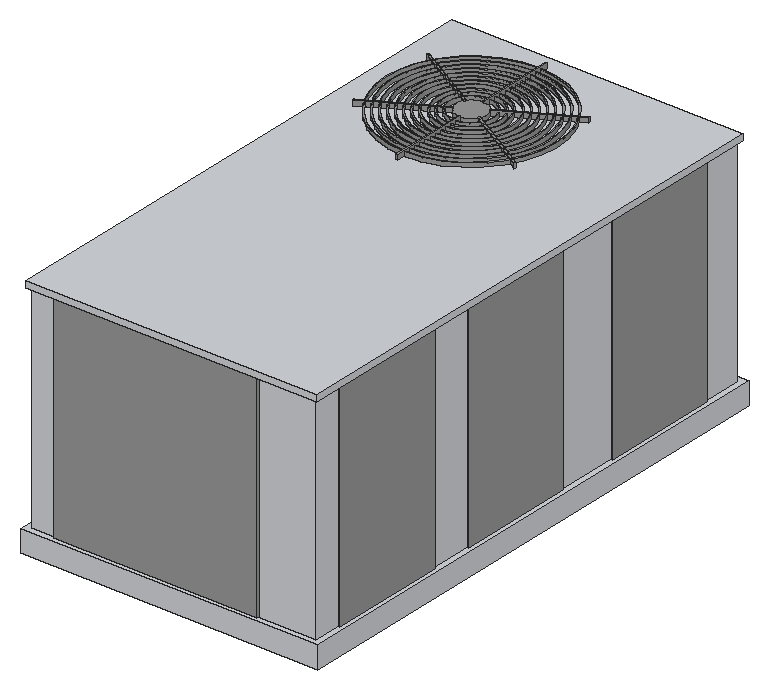
Revit family "RTU-2", category Mechanical Equipment, host Face, Revit 2025
Family settings
  Host = Face
  Round Connector Dimension = Use Diameter
  Classification = None
  Part Type = Normal
  Cut with Voids When Loaded = No
  Maintain Annotation Orientation = No
  Shared = No
  Room Calculation Point = No
Parameters (values of type "LCH 072 H4E E 1Y")
  Width = 47"
  URL = "https://tech.lennoxintl.com/C03e7o14l/VIu12Ch2uV/ehb_lch_abox_2103.pdf"
  Model = "LCH 072 H4E E 1Y"
  Manufacturer = "LENNOX"
  Length = 85 1/4"
  Grill Material = Steel, Paint Finish, Dark Gray
  Default Elevation = 48"
Reference planes (in)
  plane 1 "Center (Front/Back)": y = 0
  plane 2: z = 0
  plane 3 "Center (Left/Right)": x = 0
  plane 4: x = -30.90625
  plane 5: x = -31.90625
  plane 6: x = -32.90625
  plane 7: x = -33.90625
  plane 8: x = -34.90625
  plane 9: x = -35.90625
  plane 10: x = -36.90625
  plane 11: x = -37.90625
  plane 12: x = -38.90625
  plane 13: x = -39.90625
  plane 14: x = -40.90625
  plane 15: x = -42.34375
  plane 16: x = -41.03125
  plane 17: x = -41.90625
  plane 18: x = -41.90567
  plane 19: y = 22.75058
  plane 20: y = 21.75058
  plane 21: y = 20.75058
  plane 22: y = 19.75058
  plane 23: y = 18.75058
  plane 24: y = 17.75058
  plane 25: y = 16.75058
  plane 26: y = 15.75058
  plane 27: y = 14.75058
  plane 28: y = 13.75058
  plane 29: y = 12.75058
  plane 30: y = 11.31308
  plane 31: y = 12.62558
  plane 32: y = 11.75058
  plane 33: y = 11.75117
  plane 34: through (-19.01548, 19.50279, 94.70355) normal (0.866, 0.5, 0)
  plane 35: through (-17.13782, 18.87558, 94.70355) normal (-0.866, -0.5, 0)
  plane 36: through (6.39048, 19.50279, 94.70355) normal (0.866, -0.5, 0)
  plane 37: through (4.51282, 18.87558, 94.70355) normal (-0.866, 0.5, 0)
  plane 38: y = 38.93808
  plane 39: y = 37.62558
  plane 40: through (-19.01548, 30.74838, 94.70355) normal (-0.866, 0.5, 0)
  plane 41: through (-17.13782, 31.37558, 94.70355) normal (0.866, -0.5, 0)
  plane 42: through (6.39048, 30.74838, 94.70355) normal (-0.866, -0.5, 0)
  plane 43: through (4.51282, 31.37558, 94.70355) normal (0.866, 0.5, 0)
  plane 44: through (-34.15405, 50.35923, 110.75) normal (0.5, -0.866, 0)
  plane 45: through (-34.78125, 48.48157, 110.75) normal (-0.5, 0.866, 0)
  plane 46: through (-34.15405, 24.95327, 110.75) normal (-0.5, -0.866, 0)
  plane 47: through (-34.78125, 26.83093, 110.75) normal (0.5, 0.866, 0)
  plane 48: x = -14.71875
  plane 49: x = -16.03125
  plane 50: through (-22.90845, 50.35923, 110.75) normal (0.5, 0.866, 0)
  plane 51: through (-22.28125, 48.48157, 110.75) normal (-0.5, -0.866, 0)
  plane 52: through (-22.90845, 24.95327, 110.75) normal (-0.5, 0.866, 0)
  plane 53: through (-22.28125, 26.83093, 110.75) normal (0.5, -0.866, 0)
  plane 54: y = 16.875
  plane 55: x = 14
  plane 56: y = -16.125
  plane 57: x = 16.875
Forms (in)
  Extrusion 1, solid
    sketch origin (0, 0, 0) x (1, 0, 0) y (0, 1, 0)
      loop
        line (-23.5, 42.625) -> (-23.5, -42.625) -> (23.5, -42.625) -> (23.5, 42.625) -> (-23.5, 42.625)
    from 0 to 3.5
  Extrusion 2, solid, material "Steel, Paint Finish, Dark Gray" <- "Grill Material", not visible
    sketch origin (0, 0, 54.625) x (1, 0, 0) y (0, 1, 0)
      loop
        circle (-28.53125, 37.65625) r 2.375
      loop
        circle (-28.53125, 37.65625) r 3.375
      loop
        circle (-28.53125, 37.65625) r 3.5
      loop
        circle (-28.53125, 37.65625) r 4.375
      loop
        circle (-28.53125, 37.65625) r 5.25
      loop
        circle (-28.53125, 37.65625) r 4.5
      loop
        circle (-28.53125, 37.65625) r 5.375
      loop
        circle (-28.53125, 37.65625) r 6.375
      loop
        circle (-28.53125, 37.65625) r 7.375
      loop
        circle (-28.53125, 37.65625) r 9.375
      loop
        circle (-28.53125, 37.65625) r 10.375
      loop
        circle (-28.53125, 37.65625) r 11.375
      loop
        circle (-28.53125, 37.65625) r 12.375
      loop
        circle (-28.53125, 37.65625) r 12.5
      loop
        circle (-28.53125, 37.65625) r 7.5
      loop
        circle (-28.53125, 37.65625) r 9.5
      loop
        circle (-28.53125, 37.65625) r 10.5
      loop
        circle (-28.53125, 37.65625) r 11.5
      loop
        circle (-28.53125, 37.65625) r 8.375
      loop
        circle (-28.53125, 37.65625) r 8.5
      loop
        circle (-28.53125, 37.65625) r 6.5
      loop
        circle (-28.53125, 37.65625) r 13.375
      loop
        circle (-28.53125, 37.65625) r 13.5
    from 0 to 0.625
  Extrusion 3, solid, material "Steel, Paint Finish, Dark Gray" <- "Grill Material", not visible
    sketch origin (0, 0, 55.75) x (1, 0, 0) y (0, 1, 0)
      loop
        line (-43.28067, 37.78125) -> (-43.28067, 37.53125) -> (-30.90296, 37.53125)
        arc (-30.90296, 37.53125) -> (-30.90543, 37.59373) -> (-30.90625, 37.65625) r 2.375
        arc (-30.90625, 37.65625) -> (-30.90543, 37.71877) -> (-30.90296, 37.78125) r 2.375
        line (-30.90296, 37.78125) -> (-43.28067, 37.78125)
    from -1.125 to -0.3427
  Extrusion 4, solid, material "Steel, Paint Finish, Dark Gray" <- "Grill Material"
    sketch origin (31.34375, 53.65683, 38.57855) x (0, 1, 0) y (-1, 0, 0)
      loop
        circle (-28.53125, 37.65625) r 2.375
      loop
        circle (-28.53125, 37.65625) r 3.375
      loop
        circle (-28.53125, 37.65625) r 3.5
      loop
        circle (-28.53125, 37.65625) r 4.375
      loop
        circle (-28.53125, 37.65625) r 5.25
      loop
        circle (-28.53125, 37.65625) r 4.5
      loop
        circle (-28.53125, 37.65625) r 5.375
      loop
        circle (-28.53125, 37.65625) r 6.375
      loop
        circle (-28.53125, 37.65625) r 7.375
      loop
        circle (-28.53125, 37.65625) r 9.375
      loop
        circle (-28.53125, 37.65625) r 10.375
      loop
        circle (-28.53125, 37.65625) r 11.375
      loop
        circle (-28.53125, 37.65625) r 12.375
      loop
        circle (-28.53125, 37.65625) r 12.5
      loop
        circle (-28.53125, 37.65625) r 7.5
      loop
        circle (-28.53125, 37.65625) r 9.5
      loop
        circle (-28.53125, 37.65625) r 10.5
      loop
        circle (-28.53125, 37.65625) r 11.5
      loop
        circle (-28.53125, 37.65625) r 8.375
      loop
        circle (-28.53125, 37.65625) r 8.5
      loop
        circle (-28.53125, 37.65625) r 6.5
      loop
        circle (-28.53125, 37.65625) r 13.375
      loop
        circle (-28.53125, 37.65625) r 13.5
    from 0 to 0.625
  Extrusion 5, solid, material "Steel, Paint Finish, Dark Gray" <- "Grill Material"
    sketch origin (31.34375, 53.65683, 39.70355) x (0, 1, 0) y (-1, 0, 0)
      loop
        line (-43.28067, 37.78125) -> (-43.28067, 37.53125) -> (-30.90296, 37.53125)
        arc (-30.90296, 37.53125) -> (-30.90543, 37.59373) -> (-30.90625, 37.65625) r 2.375
        arc (-30.90625, 37.65625) -> (-30.90543, 37.71877) -> (-30.90296, 37.78125) r 2.375
        line (-30.90296, 37.78125) -> (-43.28067, 37.78125)
    from -1.125 to -0.3427
  Extrusion 6, solid, material "Steel, Paint Finish, Dark Gray" <- "Grill Material"
    sketch origin (37.22441, 6.77994, 39.70355) x (0.866025, 0.5, 0) y (-0.5, 0.866025, 0)
      loop
        line (-43.28067, 37.78125) -> (-43.28067, 37.53125) -> (-30.90296, 37.53125)
        arc (-30.90296, 37.53125) -> (-30.90543, 37.59373) -> (-30.90625, 37.65625) r 2.375
        arc (-30.90625, 37.65625) -> (-30.90543, 37.71877) -> (-30.90296, 37.78125) r 2.375
        line (-30.90296, 37.78125) -> (-43.28067, 37.78125)
    from -1.125 to -0.3427
  Extrusion 7, solid, material "Steel, Paint Finish, Dark Gray" <- "Grill Material"
    sketch origin (-49.84941, 6.77994, 39.70355) x (-0.866025, 0.5, 0) y (-0.5, -0.866025, 0)
      loop
        line (-43.28067, -37.78125) -> (-30.90296, -37.78125)
        arc (-30.90296, -37.78125) -> (-30.90543, -37.71877) -> (-30.90625, -37.65625) r 2.375
        arc (-30.90625, -37.65625) -> (-30.90543, -37.59373) -> (-30.90296, -37.53125) r 2.375
        line (-30.90296, -37.53125) -> (-43.28067, -37.53125) -> (-43.28067, -37.78125)
    from -1.125 to -0.3427
  Extrusion 8, solid, material "Steel, Paint Finish, Dark Gray" <- "Grill Material"
    sketch origin (31.34375, -3.40567, 39.70355) x (0, -1, 0) y (1, 0, 0)
      loop
        line (-43.28067, -37.78125) -> (-30.90296, -37.78125)
        arc (-30.90296, -37.78125) -> (-30.90543, -37.71877) -> (-30.90625, -37.65625) r 2.375
        arc (-30.90625, -37.65625) -> (-30.90543, -37.59373) -> (-30.90296, -37.53125) r 2.375
        line (-30.90296, -37.53125) -> (-43.28067, -37.53125) -> (-43.28067, -37.78125)
    from -1.125 to -0.3427
  Extrusion 9, solid, material "Steel, Paint Finish, Dark Gray" <- "Grill Material"
    sketch origin (37.22441, 43.47123, 39.70355) x (0.866025, -0.5, 0) y (0.5, 0.866025, 0)
      loop
        line (-43.28067, -37.78125) -> (-30.90296, -37.78125)
        arc (-30.90296, -37.78125) -> (-30.90543, -37.71877) -> (-30.90625, -37.65625) r 2.375
        arc (-30.90625, -37.65625) -> (-30.90543, -37.59373) -> (-30.90296, -37.53125) r 2.375
        line (-30.90296, -37.53125) -> (-43.28067, -37.53125) -> (-43.28067, -37.78125)
    from -1.125 to -0.3427
  Extrusion 10, solid, material "Steel, Paint Finish, Dark Gray" <- "Grill Material"
    sketch origin (-49.84941, 43.47123, 39.70355) x (-0.866025, -0.5, 0) y (0.5, -0.866025, 0)
      loop
        line (-43.28067, 37.78125) -> (-43.28067, 37.53125) -> (-30.90296, 37.53125)
        arc (-30.90296, 37.53125) -> (-30.90543, 37.59373) -> (-30.90625, 37.65625) r 2.375
        arc (-30.90625, 37.65625) -> (-30.90543, 37.71877) -> (-30.90296, 37.78125) r 2.375
        line (-30.90296, 37.78125) -> (-43.28067, 37.78125)
    from -1.125 to -0.3427
  Extrusion 11, solid, material "Steel, Paint Finish, Dark Gray" <- "Grill Material", not visible
    sketch origin (-46.87689, -5.88066, 55.75) x (0.5, -0.866025, 0) y (0.866025, 0.5, 0)
      loop
        line (-43.28067, 37.78125) -> (-43.28067, 37.53125) -> (-30.90296, 37.53125)
        arc (-30.90296, 37.53125) -> (-30.90543, 37.59373) -> (-30.90625, 37.65625) r 2.375
        arc (-30.90625, 37.65625) -> (-30.90543, 37.71877) -> (-30.90296, 37.78125) r 2.375
        line (-30.90296, 37.78125) -> (-43.28067, 37.78125)
    from -1.125 to -0.3427
  Extrusion 12, solid, material "Steel, Paint Finish, Dark Gray" <- "Grill Material", not visible
    sketch origin (-46.87689, 81.19316, 55.75) x (0.5, 0.866025, 0) y (-0.866025, 0.5, 0)
      loop
        line (-43.28067, -37.78125) -> (-30.90296, -37.78125)
        arc (-30.90296, -37.78125) -> (-30.90543, -37.71877) -> (-30.90625, -37.65625) r 2.375
        arc (-30.90625, -37.65625) -> (-30.90543, -37.59373) -> (-30.90296, -37.53125) r 2.375
        line (-30.90296, -37.53125) -> (-43.28067, -37.53125) -> (-43.28067, -37.78125)
    from -1.125 to -0.3427
  Extrusion 13, solid, material "Steel, Paint Finish, Dark Gray" <- "Grill Material", not visible
    sketch origin (-57.0625, 0, 55.75) x (-1, 0, 0) y (0, -1, 0)
      loop
        line (-43.28067, -37.78125) -> (-30.90296, -37.78125)
        arc (-30.90296, -37.78125) -> (-30.90543, -37.71877) -> (-30.90625, -37.65625) r 2.375
        arc (-30.90625, -37.65625) -> (-30.90543, -37.59373) -> (-30.90296, -37.53125) r 2.375
        line (-30.90296, -37.53125) -> (-43.28067, -37.53125) -> (-43.28067, -37.78125)
    from -1.125 to -0.3427
  Extrusion 14, solid, material "Steel, Paint Finish, Dark Gray" <- "Grill Material", not visible
    sketch origin (-10.18561, -5.88066, 55.75) x (-0.5, -0.866025, 0) y (0.866025, -0.5, 0)
      loop
        line (-43.28067, -37.78125) -> (-30.90296, -37.78125)
        arc (-30.90296, -37.78125) -> (-30.90543, -37.71877) -> (-30.90625, -37.65625) r 2.375
        arc (-30.90625, -37.65625) -> (-30.90543, -37.59373) -> (-30.90296, -37.53125) r 2.375
        line (-30.90296, -37.53125) -> (-43.28067, -37.53125) -> (-43.28067, -37.78125)
    from -1.125 to -0.3427
  Extrusion 15, solid, material "Steel, Paint Finish, Dark Gray" <- "Grill Material", not visible
    sketch origin (-10.18561, 81.19316, 55.75) x (-0.5, 0.866025, 0) y (-0.866025, -0.5, 0)
      loop
        line (-43.28067, 37.78125) -> (-43.28067, 37.53125) -> (-30.90296, 37.53125)
        arc (-30.90296, 37.53125) -> (-30.90543, 37.59373) -> (-30.90625, 37.65625) r 2.375
        arc (-30.90625, 37.65625) -> (-30.90543, 37.71877) -> (-30.90296, 37.78125) r 2.375
        line (-30.90296, 37.78125) -> (-43.28067, 37.78125)
    from -1.125 to -0.3427
  Extrusion 16, solid
    sketch origin (0, 0, 0) x (1, 0, 0) y (0, 1, 0)
      loop
        line (-22.5, 41.625) -> (-22.5, -41.625) -> (22.5, -41.625) -> (22.5, 41.625) -> (-22.5, 41.625)
    from 3.5 to 37.57855
  Extrusion 17, void
    sketch origin (0, 0, 0) x (1, 0, 0) y (0, 1, 0)
      loop
        line (-18.5, 8.25) -> (-18.5, -9.75) -> (1.5, -9.75) -> (1.5, 8.25) -> (-18.5, 8.25)
      loop
        line (-16.5, -26) -> (-16.5, -37) -> (12.5, -37) -> (12.5, -26) -> (-16.5, -26)
      loop
        arc (13.5, 20.875) -> (12.79289, 20.58211) -> (12.5, 19.875) r 1
        line (12.5, 19.875) -> (12.5, 13.875)
        arc (12.5, 13.875) -> (12.79289, 13.16789) -> (13.5, 12.875) r 1
        line (13.5, 12.875) -> (14.5, 12.875)
        arc (14.5, 12.875) -> (15.20711, 13.16789) -> (15.5, 13.875) r 1
        line (15.5, 13.875) -> (15.5, 19.875)
        arc (15.5, 19.875) -> (15.20711, 20.58211) -> (14.5, 20.875) r 1
        line (14.5, 20.875) -> (13.5, 20.875)
      loop
        circle (16.875, -16.125) r 1
    from 0 to 3.5
  Extrusion 18, solid
    sketch origin (0, 0, 0) x (1, 0, 0) y (0, 1, 0)
      loop
        line (-23, 42.125) -> (-23, -42.125) -> (23, -42.125) -> (23, 42.125) -> (-23, 42.125)
    from 37.57855 to 38.57855
  Extrusion 19, void
    sketch origin (0, 0, 0) x (0, 1, 0) y (0, 0, 1)
      loop
        line (39.875, 37.57855) -> (10.75738, 37.57855) -> (10.75738, 3.5) -> (39.875, 3.5) -> (39.875, 37.57855)
    from -23.5 to -21.24899
Cuts and joins
  Extrusion 17, Extrusion 19 cuts Extrusion 1
  Extrusion 17, Extrusion 19 cuts Extrusion 16
  Extrusion 19 cuts Extrusion 18
Dimensions and locks (in)
  equal spacing: Extrusion 1 sketch curve, plane 1 "Center (Front/Back)", Extrusion 1 sketch curve
  equal spacing: Extrusion 1 sketch curve, plane 3 "Center (Left/Right)", Extrusion 1 sketch curve
  "Width": Extrusion 1 sketch curve to Extrusion 1 sketch curve
  "Length": Extrusion 1 sketch curve to Extrusion 1 sketch curve
  Extrusion 1 to Extrusion 17 sketch curve = 5 5/8"
  Extrusion 1 to Extrusion 17 sketch curve = 7"
  Extrusion 1 to Extrusion 17 sketch curve = 5"
  Extrusion 1 to plane 54 = 25 3/4"
  plane 55 to Extrusion 1 = 9 1/2"
  plane 57 to Extrusion 1 = 6 5/8"
  plane 56 to Extrusion 1 = 26 1/2"
  nested 5 to level = 5 1/2"
  nested 5 to Extrusion 18 = 2"
  nested 6 to nested 5 = 18 3/8"
  cut or joined group of Extrusion 16, Extrusion 17, Extrusion 19 to cut or joined group of Extrusion 16, Extrusion 17, Extrusion 19 = 29.11762"
  equal spacing: group 3, group 4, group 5, group 6, group 7, group 8, group 9, group 10, group 11, group 12, group 13, group 14, group 15, group 16, group 17, group 18, group 19, group 20, group 21  (x2)
  equal spacing: group 21, group 20, group 19, group 18, group 17, group 16, group 15, group 14, group 13, group 12, group 11, group 10, group 9, group 8, group 7, group 6, group 5, group 4, group 3
  aligned and locked: plane 2 to host face
  aligned and locked: level to host face
Automatic sketch dimensions
  host sketch curve to host sketch curve = 96"  (x2)
  Extrusion 4 sketch curve to Extrusion 4 sketch curve = 0"  (x297)
  Extrusion 5 sketch curve to Extrusion 5 sketch curve = 2.37171"
  Extrusion 6 sketch curve to Extrusion 6 sketch curve = 2.37171"
  Extrusion 6 sketch curve to plane 34 = 0.93692"
  Extrusion 7 sketch curve to Extrusion 7 sketch curve = 2.37171"
  Extrusion 7 sketch curve to Extrusion 7 sketch curve = 0"  (x3)
  Extrusion 7 sketch curve to plane 36 = 0.93692"
  Extrusion 7 sketch curve to Extrusion 7 sketch curve = 1/8"
  Extrusion 8 sketch curve to Extrusion 8 sketch curve = 2.37171"
  Extrusion 8 sketch curve to plane 38 = 0.93692"
  Extrusion 9 sketch curve to Extrusion 9 sketch curve = 2.37171"
  Extrusion 9 sketch curve to Extrusion 9 sketch curve = 0"  (x3)
  Extrusion 9 sketch curve to plane 40 = 0.93692"
  Extrusion 9 sketch curve to Extrusion 9 sketch curve = 1/8"
  Extrusion 10 sketch curve to Extrusion 10 sketch curve = 2.37171"
  Extrusion 10 sketch curve to plane 42 = 0.93692"
  Extrusion 2 sketch curve to Extrusion 2 sketch curve = 0"  (x297)
  Extrusion 3 sketch curve to Extrusion 3 sketch curve = 2.37171"
  Extrusion 4 sketch curve to plane 19 = 2 3/8"
  Extrusion 5 sketch curve to Extrusion 5 sketch curve = 0"  (x3)
  Extrusion 5 sketch curve to plane 31 = 10.12829"
  Extrusion 6 sketch curve to Extrusion 6 sketch curve = 0"  (x3)
  Extrusion 6 sketch curve to plane 35 = 10.12829"
  Extrusion 6 sketch curve to Extrusion 6 sketch curve = 1/8"
  Extrusion 7 sketch curve to plane 37 = 10.12829"
  Extrusion 8 sketch curve to Extrusion 8 sketch curve = 0"  (x4)
  Extrusion 8 sketch curve to plane 39 = 10.12829"
  Extrusion 9 sketch curve to plane 41 = 10.12829"
  Extrusion 10 sketch curve to Extrusion 10 sketch curve = 0"  (x3)
  Extrusion 10 sketch curve to plane 43 = 10.12829"
  Extrusion 10 sketch curve to Extrusion 10 sketch curve = 1/8"
  Extrusion 5 sketch curve to plane 30 = 0.93692"
  Extrusion 5 sketch curve to Extrusion 5 sketch curve = 1/8"
  plane 33 to Extrusion 6 sketch curve = 5.89145"
  plane 33 to Extrusion 7 sketch curve = 12.29681"
  Extrusion 8 sketch curve to Extrusion 8 sketch curve = 1/8"
  plane 33 to Extrusion 9 sketch curve = 14.45202"
  plane 33 to Extrusion 10 sketch curve = 20.85738"
  Extrusion 2 sketch curve to plane 4 = 2 3/8"
  Extrusion 3 sketch curve to Extrusion 3 sketch curve = 0"  (x3)
  Extrusion 3 sketch curve to plane 16 = 10.12829"
  Extrusion 11 sketch curve to Extrusion 11 sketch curve = 0"  (x3)
  Extrusion 11 sketch curve to plane 45 = 10.12829"
  Extrusion 11 sketch curve to Extrusion 11 sketch curve = 1/8"
  Extrusion 12 sketch curve to Extrusion 12 sketch curve = 0"  (x2)
  Extrusion 12 sketch curve to plane 47 = 10.12829"
  Extrusion 13 sketch curve to Extrusion 13 sketch curve = 0"  (x4)
  Extrusion 13 sketch curve to plane 49 = 10.12829"
  Extrusion 14 sketch curve to Extrusion 14 sketch curve = 0"  (x2)
  Extrusion 14 sketch curve to plane 51 = 10.12829"
  Extrusion 15 sketch curve to Extrusion 15 sketch curve = 0"  (x3)
  Extrusion 15 sketch curve to plane 53 = 10.12829"
  Extrusion 15 sketch curve to Extrusion 15 sketch curve = 1/8"
  Extrusion 3 sketch curve to plane 15 = 0.93692"
  Extrusion 3 sketch curve to Extrusion 3 sketch curve = 1/8"
  plane 18 to Extrusion 11 sketch curve = 5.89145"
  plane 18 to Extrusion 12 sketch curve = 12.29681"
  Extrusion 13 sketch curve to Extrusion 13 sketch curve = 1/8"
  plane 18 to Extrusion 14 sketch curve = 14.45202"
  plane 18 to Extrusion 15 sketch curve = 20.85738"
  Extrusion 16 sketch curve to plane 3 "Center (Left/Right)" = 22 1/2"
  plane 3 "Center (Left/Right)" to Extrusion 16 sketch curve = 22 1/2"
  plane 1 "Center (Front/Back)" to Extrusion 16 sketch curve = 41 5/8"
  plane 33 to Extrusion 16 sketch curve = 29.87383"
  Extrusion 17 sketch curve to plane 56 = 0"
  Extrusion 17 sketch curve to plane 57 = 0"
  plane 3 "Center (Left/Right)" to Extrusion 17 sketch curve = 1 1/2"
  Extrusion 17 sketch curve to plane 55 = 1 1/2"  (x2)
  Extrusion 17 sketch curve to plane 55 = 1/2"  (x2)
  plane 55 to Extrusion 17 sketch curve = 1/2"  (x2)
  Extrusion 17 sketch curve to Extrusion 17 sketch curve = 1"
  Extrusion 17 sketch curve to plane 56 = 9 7/8"
  plane 56 to Extrusion 17 sketch curve = 6 3/8"
  Extrusion 17 sketch curve to plane 33 = 3.50117"
  plane 33 to Extrusion 17 sketch curve = 1.12383"
  plane 54 to Extrusion 17 sketch curve = 3"
  Extrusion 18 sketch curve to plane 3 "Center (Left/Right)" = 23"
  plane 3 "Center (Left/Right)" to Extrusion 18 sketch curve = 23"
  plane 1 "Center (Front/Back)" to Extrusion 18 sketch curve = 42 1/8"
  plane 33 to Extrusion 18 sketch curve = 30.37383"
  Extrusion 19 sketch curve to plane 33 = 0.99379"
  level to Extrusion 19 sketch curve = 3 1/2"
  plane 33 to Extrusion 19 sketch curve = 28.12383"
  Extrusion 19 sketch curve to Extrusion 19 sketch curve = 34.07855"
  radius of Extrusion 4 sketch curve = 2 3/8"
  radius of Extrusion 4 sketch curve = 3 3/8"
  radius of Extrusion 4 sketch curve = 3 1/2"
  radius of Extrusion 4 sketch curve = 4 3/8"
  radius of Extrusion 4 sketch curve = 5 1/4"
  radius of Extrusion 4 sketch curve = 4 1/2"
  radius of Extrusion 4 sketch curve = 5 3/8"
  radius of Extrusion 4 sketch curve = 6 3/8"
  radius of Extrusion 4 sketch curve = 7 3/8"
  radius of Extrusion 4 sketch curve = 9 3/8"
  radius of Extrusion 4 sketch curve = 10 3/8"
  radius of Extrusion 4 sketch curve = 11 3/8"
  radius of Extrusion 4 sketch curve = 12 3/8"
  radius of Extrusion 4 sketch curve = 12 1/2"
  radius of Extrusion 4 sketch curve = 7 1/2"
  radius of Extrusion 4 sketch curve = 9 1/2"
  radius of Extrusion 4 sketch curve = 10 1/2"
  radius of Extrusion 4 sketch curve = 11 1/2"
  radius of Extrusion 4 sketch curve = 8 3/8"
  radius of Extrusion 4 sketch curve = 8 1/2"
  radius of Extrusion 4 sketch curve = 6 1/2"
  radius of Extrusion 4 sketch curve = 13 3/8"
  radius of Extrusion 4 sketch curve = 13 1/2"
  radius of Extrusion 2 sketch curve = 2 3/8"
  radius of Extrusion 2 sketch curve = 3 3/8"
  radius of Extrusion 2 sketch curve = 3 1/2"
  radius of Extrusion 2 sketch curve = 4 3/8"
  radius of Extrusion 2 sketch curve = 5 1/4"
  radius of Extrusion 2 sketch curve = 4 1/2"
  radius of Extrusion 2 sketch curve = 5 3/8"
  radius of Extrusion 2 sketch curve = 6 3/8"
  radius of Extrusion 2 sketch curve = 7 3/8"
  radius of Extrusion 2 sketch curve = 9 3/8"
  radius of Extrusion 2 sketch curve = 10 3/8"
  radius of Extrusion 2 sketch curve = 11 3/8"
  radius of Extrusion 2 sketch curve = 12 3/8"
  radius of Extrusion 2 sketch curve = 12 1/2"
  radius of Extrusion 2 sketch curve = 7 1/2"
  radius of Extrusion 2 sketch curve = 9 1/2"
  radius of Extrusion 2 sketch curve = 10 1/2"
  radius of Extrusion 2 sketch curve = 11 1/2"
  radius of Extrusion 2 sketch curve = 8 3/8"
  radius of Extrusion 2 sketch curve = 8 1/2"
  radius of Extrusion 2 sketch curve = 6 1/2"
  radius of Extrusion 2 sketch curve = 13 3/8"
  radius of Extrusion 2 sketch curve = 13 1/2"
  radius of Extrusion 17 sketch curve = 1"
Nested families (in)
  nested 1: "Panel" at (22.5, -27.875, 20.53928) x (0, 1, 0) z (1, 0, 0), type "Panel"
    with Width 18 3/4", Length 34.07855"
  nested 2: "Panel" at (22.5, -2.4375, 20.53928) x (0, 1, 0) z (1, 0, 0), type "Panel"
    with Width 18 3/4", Length 34.07855"
  nested 3: "Panel" at (22.5, 26.0625, 20.53928) x (0, 1, 0) z (1, 0, 0), type "Panel"
    with Width 18 3/4", Length 34.07855"
  nested 4: "Panel" at (-2.71875, -41.625, 20.53928) x (-1, 0, 0) z (0, -1, 0), type "Panel"
    with Width 32 3/16", Length 34.07855"
  nested 5: "Panel" at (-22.5, -34.625, 20) x (0, 1, 0) z (-1, 0, 0), type "Panel"
    with Width 11", Length 29"
  nested 6: "Panel" at (-22.5, -1, 15.5) x (0, 1, 0) z (-1, 0, 0), type "Panel"
    with Width 19 1/2", Length 20"
  nested 7: "Family1" at (-21.5, 39.875, 35.95355) x (0, -1, 0) z (-1, 0, 0), type "Family1"
    with Space 233/256", built-in parameter 1001306 2.4792 (stored number, unit not read), Count 32
  nested 8: "Family1" at (-21.5, 39.875, 34.20355) x (0, -1, 0) z (-1, 0, 0), type "Family1"
    with Space 233/256", built-in parameter 1001306 2.4792 (stored number, unit not read), Count 32
  nested 9: "Family1" at (-21.5, 39.875, 32.45355) x (0, -1, 0) z (-1, 0, 0), type "Family1"
    with Space 233/256", built-in parameter 1001306 2.4792 (stored number, unit not read), Count 32
  nested 10: "Family1" at (-21.5, 39.875, 30.70355) x (0, -1, 0) z (-1, 0, 0), type "Family1"
    with Space 233/256", built-in parameter 1001306 2.4792 (stored number, unit not read), Count 32
  nested 11: "Family1" at (-21.5, 39.875, 28.95355) x (0, -1, 0) z (-1, 0, 0), type "Family1"
    with Space 233/256", built-in parameter 1001306 2.4792 (stored number, unit not read), Count 32
  nested 12: "Family1" at (-21.5, 39.875, 27.20355) x (0, -1, 0) z (-1, 0, 0), type "Family1"
    with Space 233/256", built-in parameter 1001306 2.4792 (stored number, unit not read), Count 32
  nested 13: "Family1" at (-21.5, 39.875, 25.45355) x (0, -1, 0) z (-1, 0, 0), type "Family1"
    with Space 233/256", built-in parameter 1001306 2.4792 (stored number, unit not read), Count 32
  nested 14: "Family1" at (-21.5, 39.875, 23.70355) x (0, -1, 0) z (-1, 0, 0), type "Family1"
    with Space 233/256", built-in parameter 1001306 2.4792 (stored number, unit not read), Count 32
  nested 15: "Family1" at (-21.5, 39.875, 21.95355) x (0, -1, 0) z (-1, 0, 0), type "Family1"
    with Space 233/256", built-in parameter 1001306 2.4792 (stored number, unit not read), Count 32
  nested 16: "Family1" at (-21.5, 39.875, 20.20355) x (0, -1, 0) z (-1, 0, 0), type "Family1"
    with Space 233/256", built-in parameter 1001306 2.4792 (stored number, unit not read), Count 32
  nested 17: "Family1" at (-21.5, 39.875, 18.45355) x (0, -1, 0) z (-1, 0, 0), type "Family1"
    with Space 233/256", built-in parameter 1001306 2.4792 (stored number, unit not read), Count 32
  nested 18: "Family1" at (-21.5, 39.875, 16.70355) x (0, -1, 0) z (-1, 0, 0), type "Family1"
    with Space 233/256", built-in parameter 1001306 2.4792 (stored number, unit not read), Count 32
  nested 19: "Family1" at (-21.5, 39.875, 14.95355) x (0, -1, 0) z (-1, 0, 0), type "Family1"
    with Space 233/256", built-in parameter 1001306 2.4792 (stored number, unit not read), Count 32
  nested 20: "Family1" at (-21.5, 39.875, 13.20355) x (0, -1, 0) z (-1, 0, 0), type "Family1"
    with Space 233/256", built-in parameter 1001306 2.4792 (stored number, unit not read), Count 32
  nested 21: "Family1" at (-21.5, 39.875, 11.45355) x (0, -1, 0) z (-1, 0, 0), type "Family1"
    with Space 233/256", built-in parameter 1001306 2.4792 (stored number, unit not read), Count 32
  nested 22: "Family1" at (-21.5, 39.875, 9.70355) x (0, -1, 0) z (-1, 0, 0), type "Family1"
    with Space 233/256", built-in parameter 1001306 2.4792 (stored number, unit not read), Count 32
  nested 23: "Family1" at (-21.5, 39.875, 7.95355) x (0, -1, 0) z (-1, 0, 0), type "Family1"
    with Space 233/256", built-in parameter 1001306 2.4792 (stored number, unit not read), Count 32
  nested 24: "Family1" at (-21.5, 39.875, 6.20355) x (0, -1, 0) z (-1, 0, 0), type "Family1"
    with Space 233/256", built-in parameter 1001306 2.4792 (stored number, unit not read), Count 32
  nested 25: "Family1" at (-21.5, 39.875, 4.45355) x (0, -1, 0) z (-1, 0, 0), type "Family1"
    with Space 233/256", built-in parameter 1001306 2.4792 (stored number, unit not read), Count 32
Definition of nested family "Panel"
  Parameters (values of type "Panel")
    Width [instance] = 21 9/16"
    Material = none
    Length [instance] = 49 7/16"
    Default Elevation = 48"
  Reference planes (in)
    plane 1 "Center (Front/Back)": y = 0
    plane 2: z = 0
    plane 3 "Center (Left/Right)": x = 0
    plane 4: z = 0.25
    plane 5: x = -10.78125
    plane 6: x = 10.78125
    plane 7: y = 24.71875
    plane 8: y = -24.71875
  Forms (in)
    Extrusion 1, solid
      sketch origin (0, 0, 0) x (1, 0, 0) y (0, 1, 0)
        loop
          line (-48, 48) -> (-48, -48) -> (48, -48) -> (48, 48) -> (-48, 48)
      from 0 to -12
    Extrusion 2, solid, material <- "Material"
      sketch origin (0, 0, 0) x (1, 0, 0) y (0, 1, 0)
        loop
          line (-10.78125, 24.71875) -> (-10.78125, -24.71875) -> (10.78125, -24.71875) -> (10.78125, 24.71875) -> (-10.78125, 24.71875)
      from 0 to 0.25
  Dimensions and locks (in)
    plane 4 to plane 2 = 1/4"
    equal spacing: plane 5, plane 3 "Center (Left/Right)", plane 6
    equal spacing: plane 7, plane 1 "Center (Front/Back)", plane 8
    "Length": plane 7 to plane 8
    "Width": plane 5 to plane 6
    aligned and locked: plane 2 to Extrusion 1
    aligned and locked: level to Extrusion 1
    aligned and locked: plane 4 to Extrusion 2
    aligned and locked: Extrusion 2 to plane 6
    aligned and locked: Extrusion 2 to plane 5
    aligned and locked: plane 8 to Extrusion 2
    aligned and locked: plane 7 to Extrusion 2
  Automatic sketch dimensions
    Extrusion 1 sketch curve to Extrusion 1 sketch curve = 96"  (x2)
    plane 5 to Extrusion 2 sketch curve = 0"
    Extrusion 2 sketch curve to plane 6 = 0"
    plane 1 "Center (Front/Back)" to Extrusion 2 sketch curve = 24 23/32"
    Extrusion 2 sketch curve to plane 1 "Center (Front/Back)" = 24 23/32"
Definition of nested family "Family1"
  Parameters (values of type "Family1")
    Space [instance] = 233/256"
    built-in parameter 1001306 [instance] = 51"
    Depth = 1"
    Default Elevation = 0"
    Count [instance] = rounddown([built-in parameter 1001306] / Space)  # 56
  Reference planes (in)
    plane 1 "Center (Front/Back)": y = 0
    plane 2: z = 0
    plane 3 "Left": x = 0
    plane 4 "Right": x = 51
    plane 5: y = 1.25
    plane 6: x = 0.45496
    plane 7: z = 1
    plane 8: y = 1.25
    plane 9: x = 1.36489
    plane 10: y = 1.25
    plane 11: x = 2.27481
    plane 12: y = 1.25
    plane 13: x = 3.18474
    plane 14: x = 0.90993
    plane 15: y = 1.25
    plane 16: x = 4.09467
    plane 17: y = 1.25
    plane 18: x = 5.00459
    plane 19: y = 1.25
    plane 20: x = 5.91452
    plane 21: y = 1.25
    plane 22: x = 6.82444
    plane 23: y = 1.25
    plane 24: x = 7.73437
    plane 25: y = 1.25
    plane 26: x = 8.64429
    plane 27: y = 1.25
    plane 28: x = 9.55422
    plane 29: y = 1.25
    plane 30: x = 10.46414
    plane 31: y = 1.25
    plane 32: x = 11.37407
    plane 33: y = 1.25
    plane 34: x = 12.284
    plane 35: y = 1.25
    plane 36: x = 13.19392
    plane 37: y = 1.25
    plane 38: x = 14.10385
    plane 39: y = 1.25
    plane 40: x = 15.01377
    plane 41: y = 1.25
    plane 42: x = 15.9237
    plane 43: y = 1.25
    plane 44: x = 16.83362
    plane 45: y = 1.25
    plane 46: x = 17.74355
    plane 47: y = 1.25
    plane 48: x = 18.65347
    plane 49: y = 1.25
    plane 50: x = 19.5634
    plane 51: y = 1.25
    plane 52: x = 20.47333
    plane 53: y = 1.25
    plane 54: x = 21.38325
    plane 55: y = 1.25
    plane 56: x = 22.29318
    plane 57: y = 1.25
    plane 58: x = 23.2031
    plane 59: y = 1.25
    plane 60: x = 24.11303
    plane 61: y = 1.25
    plane 62: x = 25.02295
    plane 63: y = 1.25
    plane 64: x = 25.93288
    plane 65: y = 1.25
    plane 66: x = 26.8428
    plane 67: y = 1.25
    plane 68: x = 27.75273
    plane 69: y = 1.25
    plane 70: x = 28.66266
    plane 71: y = 1.25
    plane 72: x = 29.57258
    plane 73: y = 1.25
    plane 74: x = 30.48251
    plane 75: y = 1.25
    plane 76: x = 31.39243
    plane 77: y = 1.25
    plane 78: x = 32.30236
    plane 79: y = 1.25
    plane 80: x = 33.21228
    plane 81: y = 1.25
    plane 82: x = 34.12221
    plane 83: y = 1.25
    plane 84: x = 35.03214
    plane 85: y = 1.25
    plane 86: x = 35.94206
    plane 87: y = 1.25
    plane 88: x = 36.85199
    plane 89: y = 1.25
    plane 90: x = 37.76191
    plane 91: y = 1.25
    plane 92: x = 38.67184
    plane 93: y = 1.25
    plane 94: x = 39.58176
    plane 95: y = 1.25
    plane 96: x = 40.49169
    plane 97: y = 1.25
    plane 98: x = 41.40161
    plane 99: y = 1.25
    plane 100: x = 42.31154
    plane 101: y = 1.25
    plane 102: x = 43.22147
    plane 103: y = 1.25
    plane 104: x = 44.13139
    plane 105: y = 1.25
    plane 106: x = 45.04132
    plane 107: y = 1.25
    plane 108: x = 45.95124
    plane 109: y = 1.25
    plane 110: x = 46.86117
    plane 111: y = 1.25
    plane 112: x = 47.77109
    plane 113: y = 1.25
    plane 114: x = 48.68102
    plane 115: y = 1.25
    plane 116: x = 49.59094
    plane 117: y = 1.25
    plane 118: x = 50.50087
  Forms (in)
    Extrusion 1, solid
      sketch origin (0, 0, 0) x (1, 0, 0) y (0, 1, 0)
        loop
          line (0, 0) -> (0.06651, 0) -> (0.45496, 1.06726) -> (0.84341, 0) -> (0.90993, 0) -> (0.45496, 1.25) -> (0, 0)
      from 0 to 1
    Extrusion 2, solid
      sketch origin (0.90993, 0, 0) x (1, 0, 0) y (0, 1, 0)
        loop
          line (0, 0) -> (0.06651, 0) -> (0.45496, 1.06726) -> (0.84341, 0) -> (0.90993, 0) -> (0.45496, 1.25) -> (0, 0)
      from 0 to 1
    Extrusion 3, solid
      sketch origin (1.81985, 0, 0) x (1, 0, 0) y (0, 1, 0)
        loop
          line (0, 0) -> (0.06651, 0) -> (0.45496, 1.06726) -> (0.84341, 0) -> (0.90993, 0) -> (0.45496, 1.25) -> (0, 0)
      from 0 to 1
    Extrusion 4, solid
      sketch origin (2.72978, 0, 0) x (1, 0, 0) y (0, 1, 0)
        loop
          line (0, 0) -> (0.06651, 0) -> (0.45496, 1.06726) -> (0.84341, 0) -> (0.90993, 0) -> (0.45496, 1.25) -> (0, 0)
      from 0 to 1
    Extrusion 5, solid
      sketch origin (3.6397, 0, 0) x (1, 0, 0) y (0, 1, 0)
        loop
          line (0, 0) -> (0.06651, 0) -> (0.45496, 1.06726) -> (0.84341, 0) -> (0.90993, 0) -> (0.45496, 1.25) -> (0, 0)
      from 0 to 1
    Extrusion 6, solid
      sketch origin (4.54963, 0, 0) x (1, 0, 0) y (0, 1, 0)
        loop
          line (0, 0) -> (0.06651, 0) -> (0.45496, 1.06726) -> (0.84341, 0) -> (0.90993, 0) -> (0.45496, 1.25) -> (0, 0)
      from 0 to 1
    Extrusion 7, solid
      sketch origin (5.45955, 0, 0) x (1, 0, 0) y (0, 1, 0)
        loop
          line (0, 0) -> (0.06651, 0) -> (0.45496, 1.06726) -> (0.84341, 0) -> (0.90993, 0) -> (0.45496, 1.25) -> (0, 0)
      from 0 to 1
    Extrusion 8, solid
      sketch origin (6.36948, 0, 0) x (1, 0, 0) y (0, 1, 0)
        loop
          line (0, 0) -> (0.06651, 0) -> (0.45496, 1.06726) -> (0.84341, 0) -> (0.90993, 0) -> (0.45496, 1.25) -> (0, 0)
      from 0 to 1
    Extrusion 9, solid
      sketch origin (7.2794, 0, 0) x (1, 0, 0) y (0, 1, 0)
        loop
          line (0, 0) -> (0.06651, 0) -> (0.45496, 1.06726) -> (0.84341, 0) -> (0.90993, 0) -> (0.45496, 1.25) -> (0, 0)
      from 0 to 1
    Extrusion 10, solid
      sketch origin (8.18933, 0, 0) x (1, 0, 0) y (0, 1, 0)
        loop
          line (0, 0) -> (0.06651, 0) -> (0.45496, 1.06726) -> (0.84341, 0) -> (0.90993, 0) -> (0.45496, 1.25) -> (0, 0)
      from 0 to 1
    Extrusion 11, solid
      sketch origin (9.09926, 0, 0) x (1, 0, 0) y (0, 1, 0)
        loop
          line (0, 0) -> (0.06651, 0) -> (0.45496, 1.06726) -> (0.84341, 0) -> (0.90993, 0) -> (0.45496, 1.25) -> (0, 0)
      from 0 to 1
    Extrusion 12, solid
      sketch origin (10.00918, 0, 0) x (1, 0, 0) y (0, 1, 0)
        loop
          line (0, 0) -> (0.06651, 0) -> (0.45496, 1.06726) -> (0.84341, 0) -> (0.90993, 0) -> (0.45496, 1.25) -> (0, 0)
      from 0 to 1
    Extrusion 13, solid
      sketch origin (10.91911, 0, 0) x (1, 0, 0) y (0, 1, 0)
        loop
          line (0, 0) -> (0.06651, 0) -> (0.45496, 1.06726) -> (0.84341, 0) -> (0.90993, 0) -> (0.45496, 1.25) -> (0, 0)
      from 0 to 1
    Extrusion 14, solid
      sketch origin (11.82903, 0, 0) x (1, 0, 0) y (0, 1, 0)
        loop
          line (0, 0) -> (0.06651, 0) -> (0.45496, 1.06726) -> (0.84341, 0) -> (0.90993, 0) -> (0.45496, 1.25) -> (0, 0)
      from 0 to 1
    Extrusion 15, solid
      sketch origin (12.73896, 0, 0) x (1, 0, 0) y (0, 1, 0)
        loop
          line (0, 0) -> (0.06651, 0) -> (0.45496, 1.06726) -> (0.84341, 0) -> (0.90993, 0) -> (0.45496, 1.25) -> (0, 0)
      from 0 to 1
    Extrusion 16, solid
      sketch origin (13.64888, 0, 0) x (1, 0, 0) y (0, 1, 0)
        loop
          line (0, 0) -> (0.06651, 0) -> (0.45496, 1.06726) -> (0.84341, 0) -> (0.90993, 0) -> (0.45496, 1.25) -> (0, 0)
      from 0 to 1
    Extrusion 17, solid
      sketch origin (14.55881, 0, 0) x (1, 0, 0) y (0, 1, 0)
        loop
          line (0, 0) -> (0.06651, 0) -> (0.45496, 1.06726) -> (0.84341, 0) -> (0.90993, 0) -> (0.45496, 1.25) -> (0, 0)
      from 0 to 1
    Extrusion 18, solid
      sketch origin (15.46873, 0, 0) x (1, 0, 0) y (0, 1, 0)
        loop
          line (0, 0) -> (0.06651, 0) -> (0.45496, 1.06726) -> (0.84341, 0) -> (0.90993, 0) -> (0.45496, 1.25) -> (0, 0)
      from 0 to 1
    Extrusion 19, solid
      sketch origin (16.37866, 0, 0) x (1, 0, 0) y (0, 1, 0)
        loop
          line (0, 0) -> (0.06651, 0) -> (0.45496, 1.06726) -> (0.84341, 0) -> (0.90993, 0) -> (0.45496, 1.25) -> (0, 0)
      from 0 to 1
    Extrusion 20, solid
      sketch origin (17.28859, 0, 0) x (1, 0, 0) y (0, 1, 0)
        loop
          line (0, 0) -> (0.06651, 0) -> (0.45496, 1.06726) -> (0.84341, 0) -> (0.90993, 0) -> (0.45496, 1.25) -> (0, 0)
      from 0 to 1
    Extrusion 21, solid
      sketch origin (18.19851, 0, 0) x (1, 0, 0) y (0, 1, 0)
        loop
          line (0, 0) -> (0.06651, 0) -> (0.45496, 1.06726) -> (0.84341, 0) -> (0.90993, 0) -> (0.45496, 1.25) -> (0, 0)
      from 0 to 1
    Extrusion 22, solid
      sketch origin (19.10844, 0, 0) x (1, 0, 0) y (0, 1, 0)
        loop
          line (0, 0) -> (0.06651, 0) -> (0.45496, 1.06726) -> (0.84341, 0) -> (0.90993, 0) -> (0.45496, 1.25) -> (0, 0)
      from 0 to 1
    Extrusion 23, solid
      sketch origin (20.01836, 0, 0) x (1, 0, 0) y (0, 1, 0)
        loop
          line (0, 0) -> (0.06651, 0) -> (0.45496, 1.06726) -> (0.84341, 0) -> (0.90993, 0) -> (0.45496, 1.25) -> (0, 0)
      from 0 to 1
    Extrusion 24, solid
      sketch origin (20.92829, 0, 0) x (1, 0, 0) y (0, 1, 0)
        loop
          line (0, 0) -> (0.06651, 0) -> (0.45496, 1.06726) -> (0.84341, 0) -> (0.90993, 0) -> (0.45496, 1.25) -> (0, 0)
      from 0 to 1
    Extrusion 25, solid
      sketch origin (21.83821, 0, 0) x (1, 0, 0) y (0, 1, 0)
        loop
          line (0, 0) -> (0.06651, 0) -> (0.45496, 1.06726) -> (0.84341, 0) -> (0.90993, 0) -> (0.45496, 1.25) -> (0, 0)
      from 0 to 1
    Extrusion 26, solid
      sketch origin (22.74814, 0, 0) x (1, 0, 0) y (0, 1, 0)
        loop
          line (0, 0) -> (0.06651, 0) -> (0.45496, 1.06726) -> (0.84341, 0) -> (0.90993, 0) -> (0.45496, 1.25) -> (0, 0)
      from 0 to 1
    Extrusion 27, solid
      sketch origin (23.65807, 0, 0) x (1, 0, 0) y (0, 1, 0)
        loop
          line (0, 0) -> (0.06651, 0) -> (0.45496, 1.06726) -> (0.84341, 0) -> (0.90993, 0) -> (0.45496, 1.25) -> (0, 0)
      from 0 to 1
    Extrusion 28, solid
      sketch origin (24.56799, 0, 0) x (1, 0, 0) y (0, 1, 0)
        loop
          line (0, 0) -> (0.06651, 0) -> (0.45496, 1.06726) -> (0.84341, 0) -> (0.90993, 0) -> (0.45496, 1.25) -> (0, 0)
      from 0 to 1
    Extrusion 29, solid
      sketch origin (25.47792, 0, 0) x (1, 0, 0) y (0, 1, 0)
        loop
          line (0, 0) -> (0.06651, 0) -> (0.45496, 1.06726) -> (0.84341, 0) -> (0.90993, 0) -> (0.45496, 1.25) -> (0, 0)
      from 0 to 1
    Extrusion 30, solid
      sketch origin (26.38784, 0, 0) x (1, 0, 0) y (0, 1, 0)
        loop
          line (0, 0) -> (0.06651, 0) -> (0.45496, 1.06726) -> (0.84341, 0) -> (0.90993, 0) -> (0.45496, 1.25) -> (0, 0)
      from 0 to 1
    Extrusion 31, solid
      sketch origin (27.29777, 0, 0) x (1, 0, 0) y (0, 1, 0)
        loop
          line (0, 0) -> (0.06651, 0) -> (0.45496, 1.06726) -> (0.84341, 0) -> (0.90993, 0) -> (0.45496, 1.25) -> (0, 0)
      from 0 to 1
    Extrusion 32, solid
      sketch origin (28.20769, 0, 0) x (1, 0, 0) y (0, 1, 0)
        loop
          line (0, 0) -> (0.06651, 0) -> (0.45496, 1.06726) -> (0.84341, 0) -> (0.90993, 0) -> (0.45496, 1.25) -> (0, 0)
      from 0 to 1
    Extrusion 33, solid
      sketch origin (29.11762, 0, 0) x (1, 0, 0) y (0, 1, 0)
        loop
          line (0, 0) -> (0.06651, 0) -> (0.45496, 1.06726) -> (0.84341, 0) -> (0.90993, 0) -> (0.45496, 1.25) -> (0, 0)
      from 0 to 1
    Extrusion 34, solid
      sketch origin (30.02754, 0, 0) x (1, 0, 0) y (0, 1, 0)
        loop
          line (0, 0) -> (0.06651, 0) -> (0.45496, 1.06726) -> (0.84341, 0) -> (0.90993, 0) -> (0.45496, 1.25) -> (0, 0)
      from 0 to 1
    Extrusion 35, solid
      sketch origin (30.93747, 0, 0) x (1, 0, 0) y (0, 1, 0)
        loop
          line (0, 0) -> (0.06651, 0) -> (0.45496, 1.06726) -> (0.84341, 0) -> (0.90993, 0) -> (0.45496, 1.25) -> (0, 0)
      from 0 to 1
    Extrusion 36, solid
      sketch origin (31.8474, 0, 0) x (1, 0, 0) y (0, 1, 0)
        loop
          line (0, 0) -> (0.06651, 0) -> (0.45496, 1.06726) -> (0.84341, 0) -> (0.90993, 0) -> (0.45496, 1.25) -> (0, 0)
      from 0 to 1
    Extrusion 37, solid
      sketch origin (32.75732, 0, 0) x (1, 0, 0) y (0, 1, 0)
        loop
          line (0, 0) -> (0.06651, 0) -> (0.45496, 1.06726) -> (0.84341, 0) -> (0.90993, 0) -> (0.45496, 1.25) -> (0, 0)
      from 0 to 1
    Extrusion 38, solid
      sketch origin (33.66725, 0, 0) x (1, 0, 0) y (0, 1, 0)
        loop
          line (0, 0) -> (0.06651, 0) -> (0.45496, 1.06726) -> (0.84341, 0) -> (0.90993, 0) -> (0.45496, 1.25) -> (0, 0)
      from 0 to 1
    Extrusion 39, solid
      sketch origin (34.57717, 0, 0) x (1, 0, 0) y (0, 1, 0)
        loop
          line (0, 0) -> (0.06651, 0) -> (0.45496, 1.06726) -> (0.84341, 0) -> (0.90993, 0) -> (0.45496, 1.25) -> (0, 0)
      from 0 to 1
    Extrusion 40, solid
      sketch origin (35.4871, 0, 0) x (1, 0, 0) y (0, 1, 0)
        loop
          line (0, 0) -> (0.06651, 0) -> (0.45496, 1.06726) -> (0.84341, 0) -> (0.90993, 0) -> (0.45496, 1.25) -> (0, 0)
      from 0 to 1
    Extrusion 41, solid
      sketch origin (36.39702, 0, 0) x (1, 0, 0) y (0, 1, 0)
        loop
          line (0, 0) -> (0.06651, 0) -> (0.45496, 1.06726) -> (0.84341, 0) -> (0.90993, 0) -> (0.45496, 1.25) -> (0, 0)
      from 0 to 1
    Extrusion 42, solid
      sketch origin (37.30695, 0, 0) x (1, 0, 0) y (0, 1, 0)
        loop
          line (0, 0) -> (0.06651, 0) -> (0.45496, 1.06726) -> (0.84341, 0) -> (0.90993, 0) -> (0.45496, 1.25) -> (0, 0)
      from 0 to 1
    Extrusion 43, solid
      sketch origin (38.21687, 0, 0) x (1, 0, 0) y (0, 1, 0)
        loop
          line (0, 0) -> (0.06651, 0) -> (0.45496, 1.06726) -> (0.84341, 0) -> (0.90993, 0) -> (0.45496, 1.25) -> (0, 0)
      from 0 to 1
    Extrusion 44, solid
      sketch origin (39.1268, 0, 0) x (1, 0, 0) y (0, 1, 0)
        loop
          line (0, 0) -> (0.06651, 0) -> (0.45496, 1.06726) -> (0.84341, 0) -> (0.90993, 0) -> (0.45496, 1.25) -> (0, 0)
      from 0 to 1
    Extrusion 45, solid
      sketch origin (40.03673, 0, 0) x (1, 0, 0) y (0, 1, 0)
        loop
          line (0, 0) -> (0.06651, 0) -> (0.45496, 1.06726) -> (0.84341, 0) -> (0.90993, 0) -> (0.45496, 1.25) -> (0, 0)
      from 0 to 1
    Extrusion 46, solid
      sketch origin (40.94665, 0, 0) x (1, 0, 0) y (0, 1, 0)
        loop
          line (0, 0) -> (0.06651, 0) -> (0.45496, 1.06726) -> (0.84341, 0) -> (0.90993, 0) -> (0.45496, 1.25) -> (0, 0)
      from 0 to 1
    Extrusion 47, solid
      sketch origin (41.85658, 0, 0) x (1, 0, 0) y (0, 1, 0)
        loop
          line (0, 0) -> (0.06651, 0) -> (0.45496, 1.06726) -> (0.84341, 0) -> (0.90993, 0) -> (0.45496, 1.25) -> (0, 0)
      from 0 to 1
    Extrusion 48, solid
      sketch origin (42.7665, 0, 0) x (1, 0, 0) y (0, 1, 0)
        loop
          line (0, 0) -> (0.06651, 0) -> (0.45496, 1.06726) -> (0.84341, 0) -> (0.90993, 0) -> (0.45496, 1.25) -> (0, 0)
      from 0 to 1
    Extrusion 49, solid
      sketch origin (43.67643, 0, 0) x (1, 0, 0) y (0, 1, 0)
        loop
          line (0, 0) -> (0.06651, 0) -> (0.45496, 1.06726) -> (0.84341, 0) -> (0.90993, 0) -> (0.45496, 1.25) -> (0, 0)
      from 0 to 1
    Extrusion 50, solid
      sketch origin (44.58635, 0, 0) x (1, 0, 0) y (0, 1, 0)
        loop
          line (0, 0) -> (0.06651, 0) -> (0.45496, 1.06726) -> (0.84341, 0) -> (0.90993, 0) -> (0.45496, 1.25) -> (0, 0)
      from 0 to 1
    Extrusion 51, solid
      sketch origin (45.49628, 0, 0) x (1, 0, 0) y (0, 1, 0)
        loop
          line (0, 0) -> (0.06651, 0) -> (0.45496, 1.06726) -> (0.84341, 0) -> (0.90993, 0) -> (0.45496, 1.25) -> (0, 0)
      from 0 to 1
    Extrusion 52, solid
      sketch origin (46.4062, 0, 0) x (1, 0, 0) y (0, 1, 0)
        loop
          line (0, 0) -> (0.06651, 0) -> (0.45496, 1.06726) -> (0.84341, 0) -> (0.90993, 0) -> (0.45496, 1.25) -> (0, 0)
      from 0 to 1
    Extrusion 53, solid
      sketch origin (47.31613, 0, 0) x (1, 0, 0) y (0, 1, 0)
        loop
          line (0, 0) -> (0.06651, 0) -> (0.45496, 1.06726) -> (0.84341, 0) -> (0.90993, 0) -> (0.45496, 1.25) -> (0, 0)
      from 0 to 1
    Extrusion 54, solid
      sketch origin (48.22606, 0, 0) x (1, 0, 0) y (0, 1, 0)
        loop
          line (0, 0) -> (0.06651, 0) -> (0.45496, 1.06726) -> (0.84341, 0) -> (0.90993, 0) -> (0.45496, 1.25) -> (0, 0)
      from 0 to 1
    Extrusion 55, solid
      sketch origin (49.13598, 0, 0) x (1, 0, 0) y (0, 1, 0)
        loop
          line (0, 0) -> (0.06651, 0) -> (0.45496, 1.06726) -> (0.84341, 0) -> (0.90993, 0) -> (0.45496, 1.25) -> (0, 0)
      from 0 to 1
    Extrusion 56, solid
      sketch origin (50.04591, 0, 0) x (1, 0, 0) y (0, 1, 0)
        loop
          line (0, 0) -> (0.06651, 0) -> (0.45496, 1.06726) -> (0.84341, 0) -> (0.90993, 0) -> (0.45496, 1.25) -> (0, 0)
      from 0 to 1
  Lines and regions (in)
    reference lines
      curve 1: line (0, 0, 0) -> (51, 0, 0)
  Dimensions and locks (in)
    "built-in parameter 1001306": plane 3 "Left" to plane 4 "Right"
    "Depth": plane 7 to plane 2
    equal spacing: group 1, group 2, group 3, group 4, group 5, group 6, group 7, group 8, group 9, group 10, group 11, group 12, group 13, group 14, group 15, group 16, group 17, group 18, group 19, group 20, group 21, group 22, group 23, group 24, group 25, group 26, group 27, group 28, group 29, group 30, group 31, group 32, group 33, group 34, group 35, group 36, group 37, group 38, group 39, group 40, group 41, group 42, group 43, group 44, group 45, group 46, group 47, group 48, group 49, group 50, group 51, group 52, group 53, group 54, group 55, group 56  (x3)
    plane 3 "Left" to plane 14 = 0.90993"
    aligned and locked: plane 4 "Right" to curve 1
    aligned and locked: plane 1 "Center (Front/Back)" to curve 1
    aligned and locked: plane 3 "Left" to curve 1
    aligned and locked: level to plane 2
    aligned and locked: plane 7 to Extrusion 1
  Automatic sketch dimensions
    Extrusion 1 sketch curve to plane 5 = 0"
    Extrusion 1 sketch curve to plane 6 = 0"  (x2)
    Extrusion 1 sketch curve to plane 5 = 0.18274"
    Extrusion 1 sketch curve to Extrusion 1 sketch curve = 0.06651"  (x2)
    plane 6 to Extrusion 1 sketch curve = 0.45496"
    Extrusion 1 sketch curve to plane 6 = 0.38845"
    Extrusion 1 sketch curve to Extrusion 1 sketch curve = 1.06726"
    Extrusion 1 sketch curve to Extrusion 1 sketch curve = 0"
    Extrusion 2 sketch curve to plane 8 = 0"
    Extrusion 2 sketch curve to plane 9 = 0"  (x2)
    Extrusion 2 sketch curve to plane 8 = 0.18274"
    Extrusion 2 sketch curve to Extrusion 2 sketch curve = 0.06651"  (x2)
    plane 9 to Extrusion 2 sketch curve = 0.45496"
    Extrusion 2 sketch curve to plane 9 = 0.38845"
    Extrusion 2 sketch curve to Extrusion 2 sketch curve = 1.06726"
    Extrusion 2 sketch curve to Extrusion 2 sketch curve = 0"
    Extrusion 3 sketch curve to plane 10 = 0"
    Extrusion 3 sketch curve to plane 11 = 0"  (x2)
    Extrusion 3 sketch curve to plane 10 = 0.18274"
    Extrusion 3 sketch curve to Extrusion 3 sketch curve = 0.06651"  (x2)
    plane 11 to Extrusion 3 sketch curve = 0.45496"
    Extrusion 3 sketch curve to plane 11 = 0.38845"
    Extrusion 3 sketch curve to Extrusion 3 sketch curve = 1.06726"
    Extrusion 3 sketch curve to Extrusion 3 sketch curve = 0"
    Extrusion 4 sketch curve to plane 12 = 0"
    Extrusion 4 sketch curve to plane 13 = 0"  (x2)
    Extrusion 4 sketch curve to plane 12 = 0.18274"
    Extrusion 4 sketch curve to Extrusion 4 sketch curve = 0.06651"  (x2)
    plane 13 to Extrusion 4 sketch curve = 0.45496"
    Extrusion 4 sketch curve to plane 13 = 0.38845"
    Extrusion 4 sketch curve to Extrusion 4 sketch curve = 1.06726"
    Extrusion 4 sketch curve to Extrusion 4 sketch curve = 0"
    Extrusion 5 sketch curve to plane 15 = 0"
    Extrusion 5 sketch curve to plane 16 = 0"  (x2)
    Extrusion 5 sketch curve to plane 15 = 0.18274"
    Extrusion 5 sketch curve to Extrusion 5 sketch curve = 0.06651"  (x2)
    plane 16 to Extrusion 5 sketch curve = 0.45496"
    Extrusion 5 sketch curve to plane 16 = 0.38845"
    Extrusion 5 sketch curve to Extrusion 5 sketch curve = 1.06726"
    Extrusion 5 sketch curve to Extrusion 5 sketch curve = 0"
    Extrusion 6 sketch curve to plane 17 = 0"
    Extrusion 6 sketch curve to plane 18 = 0"  (x2)
    Extrusion 6 sketch curve to plane 17 = 0.18274"
    Extrusion 6 sketch curve to Extrusion 6 sketch curve = 0.06651"  (x2)
    plane 18 to Extrusion 6 sketch curve = 0.45496"
    Extrusion 6 sketch curve to plane 18 = 0.38845"
    Extrusion 6 sketch curve to Extrusion 6 sketch curve = 1.06726"
    Extrusion 6 sketch curve to Extrusion 6 sketch curve = 0"
    Extrusion 7 sketch curve to plane 19 = 0"
    Extrusion 7 sketch curve to plane 20 = 0"  (x2)
    Extrusion 7 sketch curve to plane 19 = 0.18274"
    Extrusion 7 sketch curve to Extrusion 7 sketch curve = 0.06651"  (x2)
    plane 20 to Extrusion 7 sketch curve = 0.45496"
    Extrusion 7 sketch curve to plane 20 = 0.38845"
    Extrusion 7 sketch curve to Extrusion 7 sketch curve = 1.06726"
    Extrusion 7 sketch curve to Extrusion 7 sketch curve = 0"
    Extrusion 8 sketch curve to plane 21 = 0"
    Extrusion 8 sketch curve to plane 22 = 0"  (x2)
    Extrusion 8 sketch curve to plane 21 = 0.18274"
    Extrusion 8 sketch curve to Extrusion 8 sketch curve = 0.06651"  (x2)
    plane 22 to Extrusion 8 sketch curve = 0.45496"
    Extrusion 8 sketch curve to plane 22 = 0.38845"
    Extrusion 8 sketch curve to Extrusion 8 sketch curve = 1.06726"
    Extrusion 8 sketch curve to Extrusion 8 sketch curve = 0"
    Extrusion 9 sketch curve to plane 23 = 0"
    Extrusion 9 sketch curve to plane 24 = 0"  (x2)
    Extrusion 9 sketch curve to plane 23 = 0.18274"
    Extrusion 9 sketch curve to Extrusion 9 sketch curve = 0.06651"  (x2)
    plane 24 to Extrusion 9 sketch curve = 0.45496"
    Extrusion 9 sketch curve to plane 24 = 0.38845"
    Extrusion 9 sketch curve to Extrusion 9 sketch curve = 1.06726"
    Extrusion 9 sketch curve to Extrusion 9 sketch curve = 0"
    Extrusion 10 sketch curve to plane 25 = 0"
    Extrusion 10 sketch curve to plane 26 = 0"  (x2)
    Extrusion 10 sketch curve to plane 25 = 0.18274"
    Extrusion 10 sketch curve to Extrusion 10 sketch curve = 0.06651"  (x2)
    plane 26 to Extrusion 10 sketch curve = 0.45496"
    Extrusion 10 sketch curve to plane 26 = 0.38845"
    Extrusion 10 sketch curve to Extrusion 10 sketch curve = 1.06726"
    Extrusion 10 sketch curve to Extrusion 10 sketch curve = 0"
    Extrusion 11 sketch curve to plane 27 = 0"
    Extrusion 11 sketch curve to plane 28 = 0"  (x2)
    Extrusion 11 sketch curve to plane 27 = 0.18274"
    Extrusion 11 sketch curve to Extrusion 11 sketch curve = 0.06651"  (x2)
    plane 28 to Extrusion 11 sketch curve = 0.45496"
    Extrusion 11 sketch curve to plane 28 = 0.38845"
    Extrusion 11 sketch curve to Extrusion 11 sketch curve = 1.06726"
    Extrusion 11 sketch curve to Extrusion 11 sketch curve = 0"
    Extrusion 12 sketch curve to plane 29 = 0"
    Extrusion 12 sketch curve to plane 30 = 0"  (x2)
    Extrusion 12 sketch curve to plane 29 = 0.18274"
    Extrusion 12 sketch curve to Extrusion 12 sketch curve = 0.06651"  (x2)
    plane 30 to Extrusion 12 sketch curve = 0.45496"
    Extrusion 12 sketch curve to plane 30 = 0.38845"
    Extrusion 12 sketch curve to Extrusion 12 sketch curve = 1.06726"
    Extrusion 12 sketch curve to Extrusion 12 sketch curve = 0"
    Extrusion 13 sketch curve to plane 31 = 0"
    Extrusion 13 sketch curve to plane 32 = 0"  (x2)
    Extrusion 13 sketch curve to plane 31 = 0.18274"
    Extrusion 13 sketch curve to Extrusion 13 sketch curve = 0.06651"  (x2)
    plane 32 to Extrusion 13 sketch curve = 0.45496"
    Extrusion 13 sketch curve to plane 32 = 0.38845"
    Extrusion 13 sketch curve to Extrusion 13 sketch curve = 1.06726"
    Extrusion 13 sketch curve to Extrusion 13 sketch curve = 0"
    Extrusion 14 sketch curve to plane 33 = 0"
    Extrusion 14 sketch curve to plane 34 = 0"  (x2)
    Extrusion 14 sketch curve to plane 33 = 0.18274"
    Extrusion 14 sketch curve to Extrusion 14 sketch curve = 0.06651"  (x2)
    plane 34 to Extrusion 14 sketch curve = 0.45496"
    Extrusion 14 sketch curve to plane 34 = 0.38845"
    Extrusion 14 sketch curve to Extrusion 14 sketch curve = 1.06726"
    Extrusion 14 sketch curve to Extrusion 14 sketch curve = 0"
    Extrusion 15 sketch curve to plane 35 = 0"
    Extrusion 15 sketch curve to plane 36 = 0"  (x2)
    Extrusion 15 sketch curve to plane 35 = 0.18274"
    Extrusion 15 sketch curve to Extrusion 15 sketch curve = 0.06651"  (x2)
    plane 36 to Extrusion 15 sketch curve = 0.45496"
    Extrusion 15 sketch curve to plane 36 = 0.38845"
    Extrusion 15 sketch curve to Extrusion 15 sketch curve = 1.06726"
    Extrusion 15 sketch curve to Extrusion 15 sketch curve = 0"
    Extrusion 16 sketch curve to plane 37 = 0"
    Extrusion 16 sketch curve to plane 38 = 0"  (x2)
    Extrusion 16 sketch curve to plane 37 = 0.18274"
    Extrusion 16 sketch curve to Extrusion 16 sketch curve = 0.06651"  (x2)
    plane 38 to Extrusion 16 sketch curve = 0.45496"
    Extrusion 16 sketch curve to plane 38 = 0.38845"
    Extrusion 16 sketch curve to Extrusion 16 sketch curve = 1.06726"
    Extrusion 16 sketch curve to Extrusion 16 sketch curve = 0"
    Extrusion 17 sketch curve to plane 39 = 0"
    Extrusion 17 sketch curve to plane 40 = 0"  (x2)
    Extrusion 17 sketch curve to plane 39 = 0.18274"
    Extrusion 17 sketch curve to Extrusion 17 sketch curve = 0.06651"  (x2)
    plane 40 to Extrusion 17 sketch curve = 0.45496"
    Extrusion 17 sketch curve to plane 40 = 0.38845"
    Extrusion 17 sketch curve to Extrusion 17 sketch curve = 1.06726"
    Extrusion 17 sketch curve to Extrusion 17 sketch curve = 0"
    Extrusion 18 sketch curve to plane 41 = 0"
    Extrusion 18 sketch curve to plane 42 = 0"  (x2)
    Extrusion 18 sketch curve to plane 41 = 0.18274"
    Extrusion 18 sketch curve to Extrusion 18 sketch curve = 0.06651"  (x2)
    plane 42 to Extrusion 18 sketch curve = 0.45496"
    Extrusion 18 sketch curve to plane 42 = 0.38845"
    Extrusion 18 sketch curve to Extrusion 18 sketch curve = 1.06726"
    Extrusion 18 sketch curve to Extrusion 18 sketch curve = 0"
    Extrusion 19 sketch curve to plane 43 = 0"
    Extrusion 19 sketch curve to plane 44 = 0"  (x2)
    Extrusion 19 sketch curve to plane 43 = 0.18274"
    Extrusion 19 sketch curve to Extrusion 19 sketch curve = 0.06651"  (x2)
    plane 44 to Extrusion 19 sketch curve = 0.45496"
    Extrusion 19 sketch curve to plane 44 = 0.38845"
